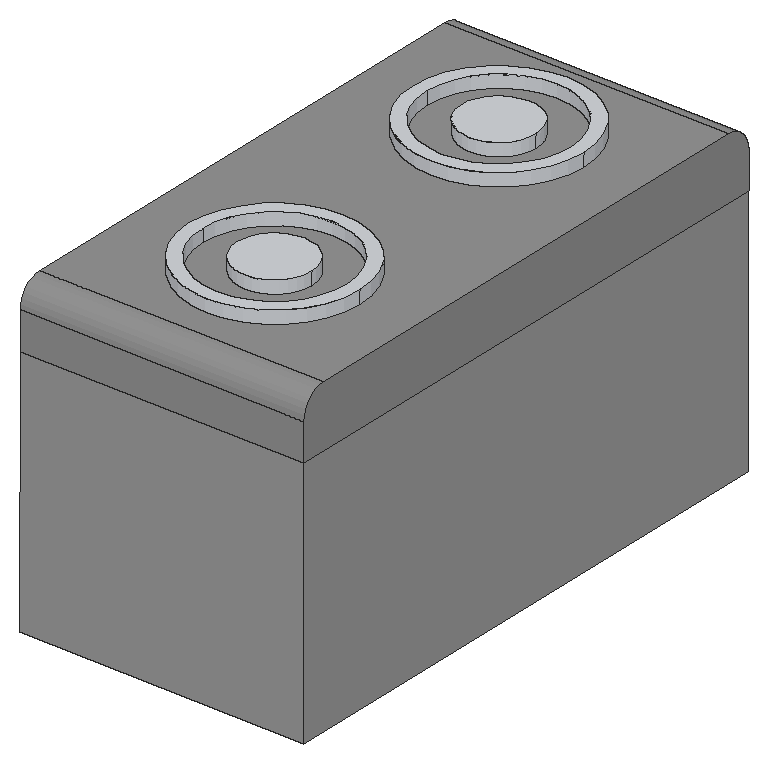
Revit family "Domotics-DomesticRanges-GEWISS-CHORUS_DATA-CONNECTOR_2RCA", category Apparecchi elettrici, host Superficie, Revit 2016
Family settings
  Host = Superficie
  Mantenere orientamento annotazione = Sì
  Tipo di parte = Normale
  Quota connettore circolare = Usa diametro
  Taglio con vuoti quando caricato = No
  Condiviso = Sì
  Punto di calcolo locali = Sì
Parameters (values of type "GW14453 - CONNECTOR, DOUBLE RCA 1M CHORUS TITANIUM")
  struttura = Default
  Version file RFA = "19.0"
  URL = "https://www.gewiss.com/ww/en"
  Technical sheet = "https://www.gewiss.com/ww/en/search?q=GW14453"
  Standard; = "EN 60958-3"
  Simbolo [instance] = yes
  Tipo_ = CONNETTORE DOPPIO RCA : titanio
  SEO = "Socket outlet"
  Realized by GEWISS S.p.A. = ""
  No. Chorus modules: = "1"
  Immagine tipo = GW14453.jpg
  IDT = "3bd35a5f-1ef9-4d50-bd9c-7bbb83a91f20"
  IDF = "bcebf5b7-2d41-49c0-b232-bd4499ad4c3d"
  Electrocod = "3720                "
  EAN code = "8011564265172"
  Distanza_x [instance] = 37500 mm
  fronte = titanio
  Distanza_effettiva_x [instance] = 40000 mm - Distanza_x  # 2500 mm
  Default Elevation = 1219.2 mm
  Produttore = "GEWISS S.p.A."
  Offset_connettore [instance] = 0 mm
  Offset_bidimensionale [instance] = 2 mm
  Modello = "GW14453"
  Descrizione = "CONNECTOR, DOUBLE RCA 1M CHORUS TITANIUM"
  Description: = "Double RCA"
  Description. = "Connector"
  Colour = "Titanium"
  Category = "Connector"
  Catalogue Range = "CHORUS - SERIE CIVILE"
  Catalogue = "DOMOTICS"
  COBie.Tagnumber = ""
  COBie.CreatedOn = ""
  COBie.CreatebBy = ""
  COBie.ComponentRegisterItemID = ""
  COBie.Component.TagNumber = ""
  COBie.Component.Space = ""
  COBie.Component.SerialNumber = ""
  COBie.Component.InstallationDate = ""
  COBie.Component.Description = ""
  COBie.Component.BarCode = ""
Types (3, lengths in mm): name | Technical sheet | Tipo_ | Immagine tipo | IDT | EAN code | fronte | Modello | Descrizione | Colour
  GW10453 - CONNECTOR DOUBLE RCA 1M WHITE | "https://www.gewiss.com/ww/en/search?q=GW10453" | CONNETTORE DOPPIO RCA : bianco | GW10453.jpg | "d6725a85-ffd1-43d6-9128-4e68088f3468" | "8011564259522" | bianco | "GW10453" | "CONNECTOR DOUBLE RCA 1M WHITE" | "White"
  GW12453 - CONNECTOR DOUBLE RCA 1M CHORUS BLACK | "https://www.gewiss.com/ww/en/search?q=GW12453" | CONNETTORE DOPPIO RCA : nero | GW12453.jpg | "4a1c5ced-e8d4-47a0-ac56-b23acc2846fe" | "8011564269170" | Nero | "GW12453" | "CONNECTOR DOUBLE RCA 1M CHORUS BLACK" | "Black"
  GW14453 - CONNECTOR, DOUBLE RCA 1M CHORUS TITANIUM | "https://www.gewiss.com/ww/en/search?q=GW14453" | CONNETTORE DOPPIO RCA : titanio | GW14453.jpg | "3bd35a5f-1ef9-4d50-bd9c-7bbb83a91f20" | "8011564265172" | titanio | "GW14453" | "CONNECTOR, DOUBLE RCA 1M CHORUS TITANIUM" | "Titanium"
Reference planes
  plane 1 "Centro (Fronte/Retro)": y = 0
  plane 2: z = 0
  plane 3 "Centro (Sinistra/Destra)": x = 0
  plane 4: z = 0
  plane 5: z = 25.371
  plane 6: x = -2500
  plane 7: x = 0
  plane 8: z = 27.371
  plane 9: through (-10.986, -4572, 3.503) normal (-0.9563, 0, -0.2924)
  plane 10: through (-28.131, -4572, 31.363) normal (-0.8988, 0, 0.4384)
  plane 11: through (21.745, -4572, 49.676) normal (0.9563, 0, 0.2924)
Lines and regions (mm)
  Masking region 1, detail levels coarse
    outline origin (0, 0, 0) x (1, 0, 0) y (0, 0, 1)
      loop
        line (-11.5, 25.371) -> (-11.5, 0) -> (11.5, 0) -> (11.5, 25.371) -> (-11.5, 25.371)
  Masking region 2, detail levels coarse
    outline origin (0, 0, 0) x (0, 1, 0) y (0, 0, 1)
      loop
        line (3.072, 0) -> (3.072, 25.371) -> (-18.504, 25.371) -> (-18.504, 0) -> (3.072, 0)
Text (mm)
  text "A=b+c" at (5.896, 0, 74.565), in view "Anteriore"
Dimensions and locks
  plane 5 to plane 4 = 25.371 mm
  "Offset_connettore": plane 4 to plane 2
  plane 6 to plane 3 "Centro (Sinistra/Destra)" = 2500 mm
  "Distanza_effettiva_x": plane 6 to plane 7
  "Offset_bidimensionale": plane 8 to plane 5
  angle plane 10 to plane 9 = 43.00°
  angle host face to plane 10 = 64.00°
  angle plane 10 to plane 11 = 43.00°
  angle plane 7 to plane 11 = 17.00°
  aligned and locked: plane 2 to host face
  aligned and locked: level to host face
  aligned and locked: plane 1 "Centro (Fronte/Retro)" to nested 1
  aligned and locked: plane 3 "Centro (Sinistra/Destra)" to nested 1
  aligned and locked: plane 7 to nested 2
  aligned and locked: Masking region 1 sketch curve to plane 4
  aligned and locked: Masking region 1 sketch curve to plane 5
  aligned and locked: Masking region 2 sketch curve to plane 4
  aligned and locked: Masking region 2 sketch curve to plane 5
  aligned and locked: nested 1 to plane 4
  aligned and locked: Masking region 1 to plane 4
  aligned and locked: import instance to nested 1  (x2)
  aligned and locked: import instance to plane 8
Automatic sketch dimensions
  host sketch curve to host sketch curve = 2438.4 mm  (x2)
  Masking region 2 sketch curve to Masking region 2 sketch curve = 21.576 mm
  Masking region 1 sketch curve to plane 3 "Centro (Sinistra/Destra)" = 11.5 mm
  plane 3 "Centro (Sinistra/Destra)" to Masking region 1 sketch curve = 11.5 mm
  plane 1 "Centro (Fronte/Retro)" to Masking region 2 sketch curve = 18.504 mm
Nested families
  nested 1: "CONNETTORE DOPPIO RCA" at (0, 0, 0), type <- "Tipo_", type "titanio", detail levels medium+fine
  nested 2: "SIMBOLO PRESA USB" at (0, 1.544, 0), SIMBOLO <- "Simbolo", type "USB"
    with SIMBOLO yes, Distanza dal muro 4.208 mm, BORDO ACCESO yes
Definition of nested family "CONNETTORE DOPPIO RCA"
  Parameters (values of type "V")
    struttura = none
    sp = 20.371 mm
    l = 23 mm
    h = 45 mm  # constant formula
    fronte = none
  Reference planes
    plane 1 "Centro (Fronte/Retro)": y = 0
    plane 2: z = 0
    plane 3 "Centro (Sinistra/Destra)": x = 0
    plane 4: z = 25.371
    plane 5: z = 20.371
    plane 6: y = -22.5
    plane 7: y = 22.5
    plane 8: x = -11.5
    plane 9: x = 11.5
    plane 10: x = -9.31
    plane 11: x = 9.31
    plane 12: z = 24.371
    plane 13: y = 9.32
    plane 14: through (-25.708, -16.185, 1200) normal (-0.3584, 0.9336, 0)
    plane 15: through (-50.401, -1524, -15.365) normal (-0.454, 0, 0.891)
    plane 16: through (0, -1524, 10.316) normal (-0.2588, 0, -0.9659)
    plane 17: y = 7.725
    plane 18: y = -10.372
    plane 19: z = 25.671
    plane 20: z = 26.371
  Forms (mm)
    Extrusion 1, solid, material <- "fronte"
      sketch origin (0, 0, 0) x (0, 1, 0) y (0, 0, 1)
        loop
          arc (-20.5, 25.371) -> (-21.914, 24.785) -> (-22.5, 23.371) r 2
          line (-22.5, 23.371) -> (-22.5, 20.371) -> (22.5, 20.371) -> (22.5, 23.371)
          arc (22.5, 23.371) -> (21.914, 24.785) -> (20.5, 25.371) r 2
          line (20.5, 25.371) -> (-20.5, 25.371)
      from -11.5 to 11.5
    Extrusion 2, solid, material <- "struttura"
      sketch origin (0, 0, 0) x (0, 1, 0) y (0, 0, 1)
        loop
          line (-22.5, 20.371) -> (-22.5, 0) -> (22.5, 0) -> (22.5, 20.371) -> (-22.5, 20.371)
      from -11.5 to 11.5
    Extrusion 3, solid
      sketch origin (0, 0, 0) x (1, 0, 0) y (0, 1, 0)
        loop
          circle (0.063, 11.528) r 6.918
        loop
          circle (0.063, 11.528) r 5.836
        loop
          circle (0.063, 11.528) r 3.021
        loop
          circle (0.063, -11.2) r 6.918
        loop
          circle (0.063, -11.2) r 5.836
        loop
          circle (0.063, -11.2) r 3.021
      from 24.371 to 26.371
  Dimensions and locks
    locked: plane 4 to plane 5 at 5
    equal spacing: plane 6, plane 1 "Centro (Fronte/Retro)", plane 7
    "h": plane 6 to plane 7
    "sp": plane 5 to plane 2
    equal spacing: plane 8, plane 3 "Centro (Sinistra/Destra)", plane 9
    "l": plane 8 to plane 9
    locked: plane 8 to plane 10 at 2.19
    locked: plane 11 to plane 9 at 2.19
    locked: plane 4 to plane 12 at 1
    plane 17 to plane 13 = 1.596 mm
    locked: plane 19 to plane 4 at 0.3
    locked: plane 20 to plane 4 at 1
    radius of Extrusion 1 sketch curve = 2 mm  (x2)
    angle plane 13 to plane 14 = 21.00°
    angle plane 7 to plane 14 = 21.00°
    angle plane 6 to plane 14 = 21.00°
    angle plane 16 to plane 15 = 42.00°
    angle plane 5 to plane 16 = 165.00°
    angle plane 15 to plane 5 = 153.00°
    aligned and locked: level to plane 2
    aligned and locked: Extrusion 1 sketch curve to plane 4
    aligned and locked: Extrusion 1 sketch curve to plane 5
    aligned and locked: Extrusion 2 sketch curve to plane 5
    aligned and locked: Extrusion 2 sketch curve to plane 6
    aligned and locked: Extrusion 2 sketch curve to plane 7
    aligned and locked: Extrusion 2 sketch curve to level
    aligned and locked: Extrusion 2 to plane 8
    aligned and locked: Extrusion 2 to plane 9
    aligned and locked: Extrusion 1 to plane 8
    aligned and locked: Extrusion 1 to plane 9
    aligned and locked: plane 12 to Extrusion 3
    aligned and locked: plane 20 to Extrusion 3
  Automatic sketch dimensions
    Extrusion 1 sketch curve to plane 6 = 0 mm
    Extrusion 1 sketch curve to plane 7 = 0 mm
    plane 3 "Centro (Sinistra/Destra)" to Extrusion 3 sketch curve = 0.063 mm  (x2)
    plane 13 to Extrusion 3 sketch curve = 2.207 mm
    Extrusion 3 sketch curve to Extrusion 3 sketch curve = 0 mm  (x8)
    plane 18 to Extrusion 3 sketch curve = 0.828 mm
    radius of Extrusion 3 sketch curve = 6.918 mm  (x2)
    radius of Extrusion 3 sketch curve = 5.836 mm  (x2)
    radius of Extrusion 3 sketch curve = 3.021 mm  (x2)
Definition of nested family "SIMBOLO PRESA USB"
  Parameters (values of type "USB")
    SIMBOLO [instance] = yes
    Distanza dal muro [instance] = 4.208 mm
    BORDO ACCESO [instance] = yes
  Reference planes
    plane 1: y = 0
    plane 2: x = 0
  Dimensions and locks
    aligned and locked: plane 2 to nested 1
    aligned and locked: plane 1 to nested 1
  Nested families
    nested 1: "SIMBOLO PRESA USB_BASE" at (0, 0, 0), BORDO ACCESO <- "BORDO ACCESO", visible <- "SIMBOLO", type "USB"
      with BORDO ACCESO yes
  Definition of nested family "SIMBOLO PRESA USB_BASE"
    Parameters (values of type "USB")
      Distanza dal muro = 4.208 mm
      BORDO ACCESO [instance] = yes
    Reference planes
      plane 1: y = 0
      plane 2: x = 0
    Lines and regions (mm)
      detail lines, visible <- "BORDO ACCESO", not visible
        curve 1: line (-1.743, 9.208, 0) -> (2.057, 9.208, 0)
        curve 2: line (2.057, 9.208, 0) -> (2.057, 4.208, 0)
        curve 3: line (2.057, 4.208, 0) -> (-1.743, 4.208, 0)
        curve 4: line (-1.743, 4.208, 0) -> (-1.743, 9.208, 0)
        curve 5: line (-1.543, 9.008, 0) -> (1.857, 9.008, 0)
        curve 6: line (1.857, 9.008, 0) -> (1.857, 4.408, 0)
        curve 7: line (1.857, 4.408, 0) -> (-1.543, 4.408, 0)
        curve 8: line (-1.543, 4.408, 0) -> (-1.543, 9.008, 0)
